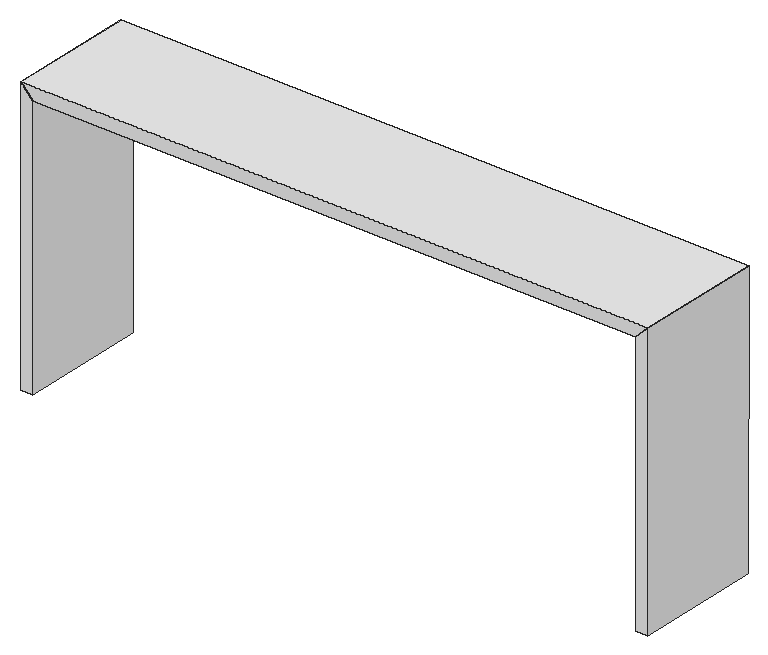
Revit family "Table Standing", category Furniture, Revit 2015
Parameters
  Material [instance] = White
Reference planes
  plane 1 "Center (Front/Back)": y = -42.074
  plane 2: z = 0
  plane 3 "Center (Left/Right)": x = 0
  plane 4: z = 1100
Forms (mm)
  Extrusion 1, solid, material "White" <- "Material"
    sketch origin (0, -42.074, 0) x (1, 0, 0) y (0, 0, 1)
      loop
        line (-1041.783, 0) -> (-991.783, 0) -> (-991.783, 1050) -> (-1041.783, 1100) -> (-1041.783, 0)
    from 0 to 500
  Extrusion 2, solid, material "White" <- "Material"
    sketch origin (0, -42.074, 0) x (1, 0, 0) y (0, 0, 1)
      loop
        line (-1041.783, 1100) -> (-991.783, 1050) -> (1408.217, 1050) -> (1458.217, 1100) -> (-1041.783, 1100)
    from 0 to 500
  Extrusion 3, solid, material "White" <- "Material"
    sketch origin (0, -42.074, 0) x (1, 0, 0) y (0, 0, 1)
      loop
        line (1458.217, 1100) -> (1408.217, 1050) -> (1408.217, 0) -> (1458.217, 0) -> (1458.217, 1100)
    from 0 to 500
